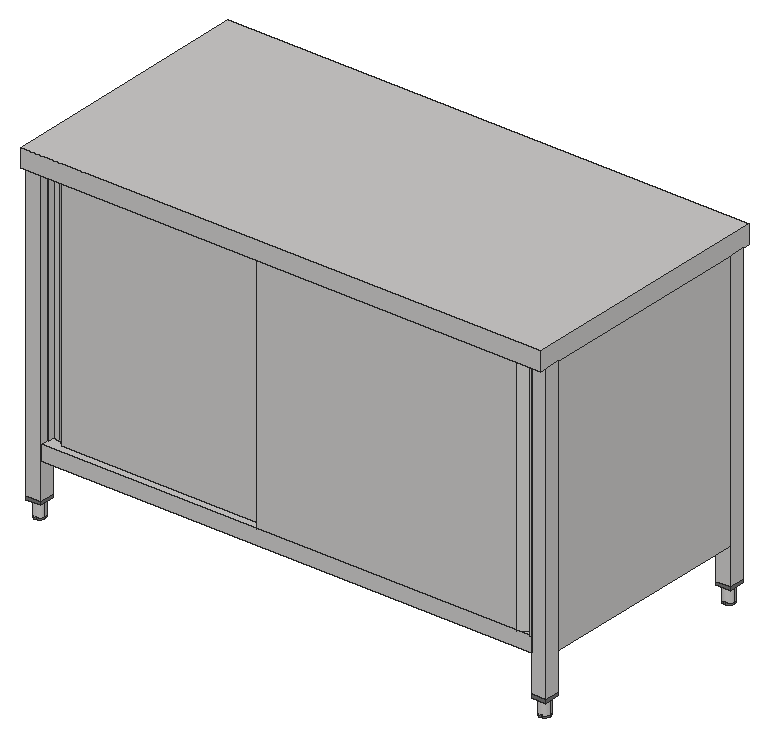
Revit family "QF_ELECTROLUXPROFESSIONAL_134029_GTN1400E", category Attrezzature speciali, Revit 2020
Family settings
  Quota connettore circolare = Usa diametro
  Tipo di parte = Normale
  Basato su piano di lavoro = No
  Sempre verticale = Sì
  Taglio con vuoti quando caricato = No
  Condiviso = No
  Punto di calcolo locali = No
Parameters (values of type "Standard")
  Weight = 73.00 kg
  Watts = 0 W
  Volts = 0 V
  URL Manufacturer = "https://www.electroluxprofessional.com/"
  URL = "https://www.electroluxprofessional.com/"
  Steam Supply Size = 0 mm
  Steam Supply Minimum Pressure = 0.0 Pa
  Steam Supply Maximum Pressure = 0.0 Pa
  Steam Consumption per Hour = 0
  Refrigeration Suction Line Size = 0.0 mm
  Refrigeration Liquid Line Size = 0.0 mm
  Refrigerant Compressor Remote = yes
  Prospetto di default = 0.0 mm
  Produttore = "Electrolux Professional"
  Phase = 0
  Modello = "GTN1400E"
  Length Actual = 1400.0 mm  # constant formula
  Item Number = "134029"
  Hot Water Size = 0 mm
  Height Actual = 900.0 mm  # constant formula
  HP = "0 HP"
  Gas Size = 0 mm
  Gas KW = 0
  Gas Input Pressure = 0 W
  Direct Waste Size = 0 mm
  Descrizione = "WORKTOP CUPBOARD 1400 MM"
  Depth Actual = 700.0 mm  # constant formula
  Cycle = 0 Hz
  Condensate Return Size = 0 mm
  Compressed Air Volume = 0.0 L/s
  Compressed Air Size = 0 mm
  Compressed Air Pressure = 0.0 Pa
  Cold Water Size = 0 mm
  Accessory = yes
Reference planes
  plane 1 "Center (Front/Back)": y = 0
  plane 2: z = 0
  plane 3 "Center (Left/Right)": x = -200
  plane 4 "LEFT": x = -900
  plane 5 "RIGHT": x = 500
  plane 6 "BACK": y = 350
  plane 7 "FRONT": y = -350
  plane 8 "Base": z = 850
  plane 9 "TOP": z = 900
  plane 10: x = -880
  plane 11: x = 480
  plane 12: y = 310
  plane 13: y = -310
  plane 14 "BodyLeft": x = -900
  plane 15 "BodyFront": y = -330
  plane 16 "BodyRight": x = 500
  plane 17 "BodyBack": y = 330
  plane 18 "FEET": z = 150
  plane 19: x = -120
  plane 20: x = -280
Forms (mm)
  Extrusion 1, solid, material "QF_Finishes_Stainless Steel"
    sketch origin (-200, 0, 0) x (0, 1, 0) y (0, 0, 1)
      loop
        line (-350, 850) -> (350, 850) -> (350, 900) -> (-350, 900) -> (-350, 850)
    from 700 to -700
  Extrusion 2, solid, material "QF_Finishes_Stainless Steel"
    sketch origin (0, 0, 150) x (-1, 0, 0) y (0, -1, 0)
      loop
        line (900, -290) -> (900, 290) -> (860, 290) -> (860, -290) -> (900, -290)
      loop
        line (-460, -290) -> (-460, 290) -> (-500, 290) -> (-500, -290) -> (-460, -290)
    from 0 to 700
  Extrusion 3, solid, material "QF_Finishes_Stainless Steel"
    sketch origin (0, 0, 150) x (-1, 0, 0) y (0, -1, 0)
      loop
        line (860, -290) -> (860, 330) -> (-460, 330) -> (-460, -290) -> (860, -290)
    from 0 to 40
  Extrusion 4, solid, material "QF_Finishes_Stainless Steel"
    sketch origin (0, 0, 150) x (-1, 0, 0) y (0, -1, 0)
      loop
        line (860, -290) -> (-460, -290) -> (-460, -330) -> (860, -330) -> (860, -290)
    from 0 to 700
  Extrusion 5, solid, material "QF_Finishes_Stainless Steel"
    sketch origin (0, 0, 150) x (-1, 0, 0) y (0, -1, 0)
      loop
        line (-460, 330) -> (-460, 310) -> (280, 310) -> (280, 330) -> (-420, 330) -> (-440, 315) -> (-455, 315) -> (-455, 330) -> (-460, 330)
    from 40 to 700
  Extrusion 6, solid, material "QF_Finishes_Stainless Steel"
    sketch origin (0, 20, 150) x (1, 0, 0) y (0, 1, 0)
      loop
        line (-860, -330) -> (-855, -330) -> (-855, -315) -> (-840, -315) -> (-820, -330) -> (-120, -330) -> (-120, -310) -> (-860, -310) -> (-860, -330)
    from 40 to 700
  Extrusion 7, solid, material "QF_Finishes_Stainless Steel"
    sketch origin (0, 0, 150) x (-1, 0, 0) y (0, -1, 0)
      loop
        line (860, 290) -> (-460, 290) -> (-460, -290) -> (860, -290) -> (860, 290)
    from 350 to 390
Lines and regions (mm)
  symbolic lines
    curve 1: line (500, 350, 900) -> (-900, 350, 900)
    curve 2: line (-900, 350, 900) -> (-900, -350, 900)
    curve 3: line (-900, -350, 900) -> (500, -350, 900)
    curve 4: line (500, -350, 900) -> (500, 350, 900)
  symbolic lines, style "SpecialityEquipmentHiddenLines"
    curve 5: line (-900, 330, 150) -> (500, 330, 150)
    curve 6: line (-900, -330, 150) -> (-900, 330, 150)
    curve 7: line (500, -330, 150) -> (-900, -330, 150)
    curve 8: line (500, 330, 150) -> (500, -330, 150)
    curve 9: line (-860, -290, 150) -> (-120, -290, 150)
    curve 10: line (-120, -290, 150) -> (-120, -310, 150)
    curve 11: line (-860, -310, 150) -> (460, -310, 150)
    curve 12: line (460, -310, 150) -> (460, -330, 150)
    curve 13: line (-280, -310, 150) -> (-280, -330, 150)
    curve 14: line (-860, -290, 150) -> (-860, -310, 150)
Dimensions and locks
  plane 4 "LEFT" to plane 5 "RIGHT" = 1400.0 mm
  equal spacing: plane 4 "LEFT", plane 3 "Center (Left/Right)", plane 5 "RIGHT"
  locked: plane 8 "Base" to level at 850
  plane 9 "TOP" to level = 900.0 mm
  plane 6 "BACK" to plane 7 "FRONT" = 700.0 mm
  equal spacing: plane 6 "BACK", plane 1 "Center (Front/Back)", plane 7 "FRONT"
  locked: plane 4 "LEFT" to plane 14 "BodyLeft"
  locked: plane 16 "BodyRight" to plane 5 "RIGHT"
  locked: plane 15 "BodyFront" to plane 7 "FRONT" at 20
  locked: plane 6 "BACK" to plane 17 "BodyBack" at 20
  locked: plane 14 "BodyLeft" to plane 10 at 20
  locked: plane 11 to plane 16 "BodyRight" at 20
  locked: plane 13 to plane 15 "BodyFront" at 20
  locked: plane 17 "BodyBack" to plane 12 at 20
  plane 10 to plane 11 = 1360.0 mm
  plane 12 to plane 13 = 620.0 mm
  locked: plane 14 "BodyLeft" to Extrusion 2 sketch curve at 40
  Extrusion 2 sketch curve to Extrusion 2 sketch curve = 40.0 mm
  locked: plane 3 "Center (Left/Right)" to plane 19 at 80
  locked: plane 20 to plane 3 "Center (Left/Right)" at 80
  locked: plane 18 "FEET" to plane 2 at 150
  aligned and locked: level to plane 2
  aligned and locked: plane 10 to nested 1
  aligned and locked: nested 1 to plane 13
  aligned and locked: plane 11 to nested 2
  aligned and locked: nested 2 to plane 13
  aligned and locked: plane 11 to nested 4
  aligned and locked: nested 4 to plane 12
  aligned and locked: plane 10 to nested 3
  aligned and locked: nested 3 to plane 12
  aligned and locked: Extrusion 1 to plane 4 "LEFT"
  aligned and locked: plane 5 "RIGHT" to Extrusion 1
  aligned and locked: curve 2 to plane 4 "LEFT"
  aligned and locked: Extrusion 2 sketch curve to plane 14 "BodyLeft"
  aligned and locked: plane 16 "BodyRight" to Extrusion 2 sketch curve
  aligned and locked: plane 8 "Base" to Extrusion 2
  aligned and locked: plane 8 "Base" to Extrusion 5
  aligned and locked: Extrusion 5 to Extrusion 3
  aligned and locked: Extrusion 6 sketch curve to plane 19
  aligned and locked: Extrusion 5 sketch curve to plane 20
  aligned and locked: Extrusion 1 to plane 8 "Base"
  aligned and locked: plane 9 "TOP" to Extrusion 1
  aligned and locked: curve 5 to plane 17 "BodyBack"
  aligned and locked: plane 14 "BodyLeft" to curve 6
  aligned and locked: plane 15 "BodyFront" to curve 7
  aligned and locked: plane 16 "BodyRight" to curve 8
  aligned and locked: Extrusion 3 sketch curve to Extrusion 2  (x2)
  aligned and locked: Extrusion 2 to Extrusion 4 sketch curve  (x2)
  aligned and locked: curve 7 to Extrusion 3 sketch curve
  aligned and locked: Extrusion 3 sketch curve to Extrusion 4
  aligned and locked: Extrusion 4 to plane 18 "FEET"
Automatic sketch dimensions
  curve 3 to plane 7 "FRONT" = 0.0 mm
  curve 4 to plane 6 "BACK" = 0.0 mm
  Extrusion 1 sketch curve to plane 7 "FRONT" = 0.0 mm
  plane 9 "TOP" to Extrusion 1 sketch curve = 0.0 mm
  Extrusion 1 sketch curve to plane 6 "BACK" = 0.0 mm
  Extrusion 1 sketch curve to plane 8 "Base" = 0.0 mm
  Extrusion 5 sketch curve to plane 15 "BodyFront" = 0.0 mm  (x2)
  Extrusion 5 sketch curve to plane 11 = 20.0 mm
  Extrusion 5 sketch curve to Extrusion 5 sketch curve = 5.0 mm
  Extrusion 5 sketch curve to Extrusion 5 sketch curve = 15.0 mm
  Extrusion 5 sketch curve to Extrusion 5 sketch curve = 20.0 mm
  plane 15 "BodyFront" to Extrusion 5 sketch curve = 15.0 mm
  plane 15 "BodyFront" to Extrusion 5 sketch curve = 20.0 mm
  Extrusion 6 sketch curve to plane 15 "BodyFront" = 20.0 mm  (x2)
  Extrusion 6 sketch curve to plane 10 = 20.0 mm
  Extrusion 6 sketch curve to Extrusion 6 sketch curve = 5.0 mm
  Extrusion 6 sketch curve to Extrusion 6 sketch curve = 15.0 mm
  Extrusion 6 sketch curve to Extrusion 6 sketch curve = 20.0 mm  (x2)
  Extrusion 6 sketch curve to plane 15 "BodyFront" = 35.0 mm
  curve 10 to plane 19 = 0.0 mm
  curve 13 to plane 20 = 0.0 mm
  curve 11 to plane 11 = 20.0 mm
  plane 15 "BodyFront" to curve 9 = 40.0 mm
  curve 12 to curve 12 = 20.0 mm
  plane 10 to curve 14 = 20.0 mm
  Extrusion 4 sketch curve to plane 12 = 20.0 mm
  plane 13 to Extrusion 2 sketch curve = 20.0 mm  (x2)
  Extrusion 2 sketch curve to plane 12 = 20.0 mm  (x2)
  Extrusion 4 sketch curve to plane 17 "BodyBack" = 0.0 mm
  Extrusion 7 sketch curve to plane 11 = 20.0 mm
  plane 10 to Extrusion 7 sketch curve = 20.0 mm
  Extrusion 7 sketch curve to plane 12 = 20.0 mm
  plane 13 to Extrusion 7 sketch curve = 20.0 mm
  curve 4 to plane 5 "RIGHT" = 0.0 mm
Nested families
  nested 1: "FEET_40x40_APP50" at (-880, -310, 0), type "FEET_40x40_APP50"
  nested 2: "FEET_40x40_APP50" at (480, -310, 0), type "FEET_40x40_APP50"
  nested 3: "FEET_40x40_APP50" at (-880, 310, 0), type "FEET_40x40_APP50"
  nested 4: "FEET_40x40_APP50" at (480, 310, 0), type "FEET_40x40_APP50"
Definition of nested family "FEET_40x40_APP50"
  Parameters
    Default Elevation = 0.0 mm
    FEET = 850.0 mm
  Reference planes
    plane 1 "Center (Front/Back)": y = 0
    plane 2: z = 0
    plane 3 "Center (Left/Right)": x = 0
    plane 4: z = 850
  Forms (mm)
    Extrusion 1, solid
      sketch origin (0, 0, 0) x (1, 0, 0) y (0, 1, 0)
        loop
          line (-20, -20) -> (20, -20) -> (20, 20) -> (-20, 20) -> (-20, -20)
      from 50 to 850
    Extrusion 2, solid
      sketch origin (0, 0, 0) x (1, 0, 0) y (0, 1, 0)
        loop
          circle (0, 0) r 15
      from 0 to 5
    Extrusion 3, solid
      sketch origin (0, 0, 0) x (1, 0, 0) y (0, 1, 0)
        loop
          line (-20, -20) -> (20, -20) -> (20, 20) -> (-20, 20) -> (-20, -20)
      from 50 to 42
    Extrusion 4, solid
      sketch origin (0, 0, 0) x (1, 0, 0) y (0, 1, 0)
        loop
          circle (0, 0) r 15
      from 5 to 42
  Lines and regions (mm)
    symbolic lines
      curve 1: line (0, -1.503, 0) -> (0, 1.508, 0)
      curve 2: line (1.561, 0, 0) -> (-1.439, 0, 0)
  Dimensions and locks
    "FEET": plane 4 to plane 2
    aligned and locked: level to plane 2
  Automatic sketch dimensions
    plane 1 "Center (Front/Back)" to curve 2 = 0.0 mm
    curve 1 to plane 3 "Center (Left/Right)" = 0.0 mm
    curve 2 to plane 3 "Center (Left/Right)" = 1.439 mm
    plane 3 "Center (Left/Right)" to curve 2 = 1.561 mm
    plane 1 "Center (Front/Back)" to curve 1 = 1.503 mm
    curve 1 to plane 1 "Center (Front/Back)" = 1.508 mm
    Extrusion 1 sketch curve to plane 3 "Center (Left/Right)" = 20.0 mm
    plane 3 "Center (Left/Right)" to Extrusion 1 sketch curve = 20.0 mm
    plane 1 "Center (Front/Back)" to Extrusion 1 sketch curve = 20.0 mm
    Extrusion 1 sketch curve to plane 1 "Center (Front/Back)" = 20.0 mm
    plane 1 "Center (Front/Back)" to Extrusion 2 sketch curve = 0.0 mm
    Extrusion 2 sketch curve to plane 3 "Center (Left/Right)" = 0.0 mm
    Extrusion 3 sketch curve to plane 3 "Center (Left/Right)" = 20.0 mm
    plane 3 "Center (Left/Right)" to Extrusion 3 sketch curve = 20.0 mm
    plane 1 "Center (Front/Back)" to Extrusion 3 sketch curve = 20.0 mm
    Extrusion 3 sketch curve to plane 1 "Center (Front/Back)" = 20.0 mm
    plane 1 "Center (Front/Back)" to Extrusion 4 sketch curve = 0.0 mm
    Extrusion 4 sketch curve to plane 3 "Center (Left/Right)" = 0.0 mm
    radius of Extrusion 2 sketch curve = 15.0 mm
    radius of Extrusion 4 sketch curve = 15.0 mm
